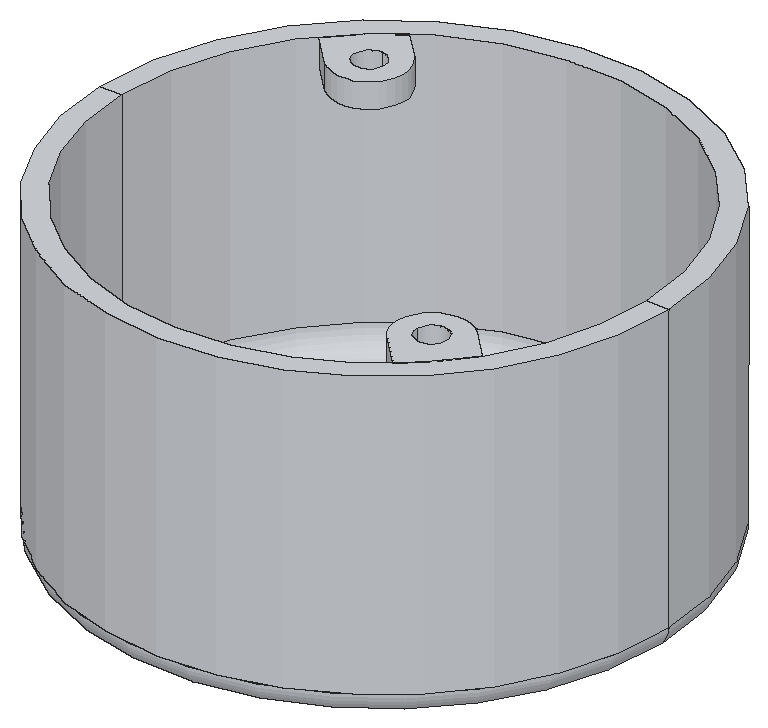
Revit family "LP2G", category Generic Models, Revit 2017
Family settings
  Can host rebar = No
  Round Connector Dimension = Use Diameter
  Part Type = Normal
  Work Plane-Based = Yes
  Always vertical = No
  Cut with Voids When Loaded = No
  Shared = No
  Room Calculation Point = No
Parameters (values of type "NBS Standard Parameters")
  Weight = "0.1091Kg"
  WarrantyStartDate [instance] = "1900-12-31T23:59:59"
  WarrantyGuarantorParts = "n/a"
  WarrantyGuarantorLabor = "n/a"
  WarrantyDurationUnit = "1 year"
  WarrantyDurationParts = "n/a"
  WarrantyDurationLabor = "n/a"
  WarrantyDescription = "n/a"
  Version = "1"
  Uniclass2 = "Pr_65_70_11_20"
  TagNumber [instance] = "n/a"
  SustainabilityPerformance = "n/a"
  Size = "2 Hole"
  Shape = "Circular"
  SerialNumber [instance] = "n/a"
  Revision = "n/a"
  ReplacementCost = "n/a"
  ProductInformation = "www.metpro.co.uk/pdf/lp2g.pdf"
  NominalWidth = 66 mm
  NominalLength = 66 mm
  NominalHeight = 32.5 mm
  Name = ""
  NBSTypeID = ""
  NBSReference = "90-55-10/460"
  NBSOfficeMasterTag = ""
  NBSNote = ""
  NBSDescription = "Conduit Fittings"
  NBSCertification = ""
  ModelReference = "LP2G"
  ModelNumber = "n/a"
  Material = "Mild Steel"
  ManufacturerURL = "www.metpro.co.uk"
  ManufacturerName = "Metpro Ltd"
  Keynote = "Compliant to LU Standard 1-085"
  InstallationDate [instance] = "1900-12-31T23:59:59"
  IfcExportType = ""
  IfcExportAs = ""
  Grade = "n/a"
  Finish = "BZP"
  Features = "n/a"
  ExpectedLife = "n/a"
  DurationUnit = "year"
  Description = "LP2G   2 Hole  Loopin Box"
  Default Elevation = 1219.2 mm
  Constituents = "n/a"
  Color = "n/a"
  CodePerformance = "n/a"
  Category = "n/a"
  BarCode [instance] = "n/a"
  BIMObjectName = "Metpro_metprolibrary_Conduitfittings_Metalcomponents_Steelaccessories"
  Author = "Metpro Ltd"
  AssetType = ""
  AssetIdentifier [instance] = "n/a"
  AccessibilityPerformance = "n/a"
Reference planes
  plane 1 "Center (Front/Back)": y = 0
  plane 2: z = 0
  plane 3 "Center (Left/Right)": x = 0
Forms (mm)
  Revolve 1, solid
    sketch origin (155.469, 918.203, 707.693) x (1, 0, 0) y (0, 0, 1)
      loop
        line (-32.5, 45.041) -> (-32.5, 12.5)
        arc (-32.5, 12.5) -> (-31.768, 10.732) -> (-30, 10) r 2.5
        line (-30, 10) -> (0, 10) -> (0, 12.541) -> (-27, 12.541)
        arc (-27, 12.541) -> (-29.121, 13.42) -> (-30, 15.541) r 3
        line (-30, 15.541) -> (-30, 45.041) -> (-32.5, 45.041)
      axis (0, 10) -> (0, 45.041)
    angle from 0 to 360
  Extrusion 2, solid
    sketch origin (155.469, 918.203, 752.734) x (0, 1, 0) y (-1, 0, 0)
      loop
        arc (-13.805, -21.577) -> (-13.887, -16.02) -> (-19.441, -15.821) r 4.033
        line (-19.441, -15.821) -> (-22.946, -19.326)
        arc (-22.946, -19.326) -> (-20.14, -22.235) -> (-16.968, -24.74) r 30
        line (-16.968, -24.74) -> (-13.805, -21.577)
      loop
        circle (-16.769, -18.842) r 1.752
      loop
        line (21.577, 13.805) -> (24.74, 16.968)
        arc (24.74, 16.968) -> (22.235, 20.14) -> (19.326, 22.946) r 30
        line (19.326, 22.946) -> (15.821, 19.441)
        arc (15.821, 19.441) -> (16.02, 13.887) -> (21.577, 13.805) r 4.033
      loop
        circle (18.842, 16.769) r 1.752
    from -2.782 to 0
  Extrusion 3, void
    sketch origin (155.469, 918.203, 717.693) x (1, 0, 0) y (0, 1, 0)
      loop
        circle (14.535, 0) r 10
      loop
        circle (-14.535, 0) r 10
    from 0 to 5.886
Cuts and joins
  Extrusion 3 cuts Revolve 1
Dimensions and locks
  aligned and locked: level to plane 2
